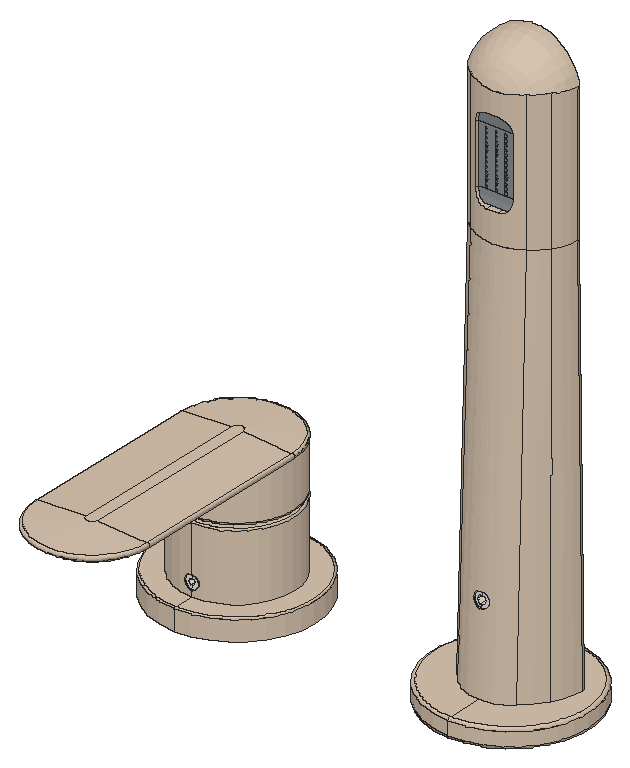
Revit family "Faucet-Wall_Mount-Lavatory-KALLISTA-002-P34124-1", category Plumbing Fixtures, host Face, Revit 2021
Family settings
  Host = Face
  Round Connector Dimension = Use Diameter
  Part Type = Normal
  OmniClass Number = 23.31.11.00
  OmniClass Title = Faucets
  Cut with Voids When Loaded = No
  Shared = No
  Room Calculation Point = No
Parameters (values of type "BAF-Brushed French Gold")
  Width [instance] = 4"
  WaterSense Certified = 1 = 0  # no
  Waste Water Outlet = "Waste Water Outlet"  # constant formula
  Waste Connection = 1 = 0  # no
  Vent Connection = 1 = 0  # no
  URL = "https://www.kallista.com/"
  Type = 1
  Spout Reach = 7.18504"  # constant formula
  Product Page URL = ""
  Product Name = "002"  # constant formula
  Product Documentation Link = ""
  Pressure = 0.00 psi
  Model = if(Type = 1, "P34124-00-BAF", if(Type = 2, "P34124-00-BL", if(Type = 3, "P34124-00-BN", if(Type = 4, "P34124-00-CP", if(Type = 5, "P34124-00-SN", "NA")))))  # "P34124-00-BAF"
  Material = "Premium Metal Construction\r\n"  # constant formula
  Master Format 2014 Name = "Residential Faucets, Supplies, and Trim"  # constant formula
  Master Format 2014 = "22 41 39"  # constant formula
  Manufacturer Address = "444 Highland Dr, Kohler, WI 53044"  # constant formula
  Manufacturer = "Kallista Co."  # constant formula
  Length = Spout Reach  # 7.18504"
  Hot Water Inlet = "Hot Water Inlet"  # constant formula
  Height = 2.28346"  # constant formula
  Handle Clearance = 3.47244"  # constant formula
  HW Connection = 1 = 1  # yes
  Flow Rate = 1.2 GPM  # constant formula
  Finish = Kallista-Metal-BAF-Brushed_French_Gold
  Environmental Product Declaration = ""
  Drain Included = 1 = 1  # yes
  Description = "Capsule Wall Mount Sink Faucet Single Control"  # constant formula
  Default Elevation = 36"
  Declare Label = ""
  Date Modified = "11/29/2023"  # constant formula
  Date Created = "11/29/2023"  # constant formula
  Copyright = "Copyright Kallista Co."  # constant formula
  Contact Us = "https://www.kallista.com/corporate/contact-us/"
  Cold Water Inlet = "Cold Water Inlet"  # constant formula
  CW Connection = 1 = 1  # yes
  Assembly Code = "D2010"
  ADA Compliant = 1 = 0  # no
Types (6): name | Type | Model | Finish
  (no name) | 1 | "P34124-00-BAF" | Kallista-Metal-BAF-Brushed_French_Gold
  BAF-Brushed French Gold | 1 | "P34124-00-BAF" | Kallista-Metal-BAF-Brushed_French_Gold
  BN-Brushed Nickel | 3 | "P34124-00-BN" | Kallista-Metal-BN-Brushed_Nickel
  BL-Matte Black | 2 | "P34124-00-BL" | Kalista-Metal-BL-Matte_Black
  SN-Polished Nickel | 5 | "P34124-00-SN" | Kallista-Metal-SN-Polished_Nickel
  CP-Chrome | 4 | "P34124-00-CP" | Kallista-Metal-CP-Chrome
Reference planes (in)
  plane 1 "Center (Front/Back)": y = 0
  plane 2: z = 0
  plane 3 "Center (Left/Right)": x = 0
  plane 4: x = -4
  plane 5: x = -5.14173
  plane 6: x = -2.85827
  plane 7: y = 1.14173
  plane 8: y = -1.14173
  plane 9: y = -3.47244
  plane 10: y = -0.29528
  plane 11: y = 0.82677
  plane 12: y = -0.82677
  plane 13: z = 2.14173
  plane 14: z = 1.75591
  plane 15: z = 0.31496
  plane 16: z = 8.67064
  plane 17: z = 7.18504
  plane 18: z = 0.27559
  plane 19: x = -3.17323
  plane 20: x = -4.82677
  plane 21: x = -1.14173
  plane 22: x = 1.14173
Dimensions and locks (in)
  "Handle Clearance": plane 1 "Center (Front/Back)" to plane 9
  "Length": plane 17 to level
  "Height": plane 7 to plane 8
  plane 2 to plane 16 = 8.67064"
  plane 2 to plane 13 = 2.14173"
  plane 2 to plane 18 = 0.27559"
  plane 2 to plane 15 = 0.31496"
  plane 20 to plane 19 = 1.65354"
  plane 5 to plane 6 = 2.28346"
  locked: plane 5 to plane 4 at 1.14173
  locked: plane 4 to plane 6 at 1.14173
  locked: plane 20 to plane 4 at 0.82677
  locked: plane 4 to plane 19 at 0.82677
  plane 9 to plane 7 = 4.61417"
  plane 1 "Center (Front/Back)" to plane 10 = 0.29528"
  plane 13 to level = 2.14173"
  plane 14 to level = 1.75591"
  "Width": plane 4 to plane 3 "Center (Left/Right)"
  plane 7 to plane 8 = 2.28346"
  plane 5 to plane 22 = 6.28346"
  locked: plane 21 to plane 22 at 2.28346
  locked: plane 21 to plane 3 "Center (Left/Right)" at 1.14173
  aligned and locked: plane 2 to host face
  aligned and locked: level to host face
  aligned and locked: plane 1 "Center (Front/Back)" to nested 1
  aligned and locked: nested 2 to plane 4
  aligned and locked: plane 1 "Center (Front/Back)" to nested 2
  aligned and locked: plane 6 to nested 2
  aligned and locked: plane 5 to nested 2
  aligned and locked: plane 12 to nested 2
  aligned and locked: plane 9 to nested 2
  aligned and locked: plane 7 to nested 1
  aligned and locked: plane 8 to nested 1
  aligned and locked: plane 10 to nested 1
  aligned and locked: plane 13 to nested 2
  aligned and locked: plane 14 to nested 2
  aligned and locked: plane 15 to nested 2
  aligned and locked: plane 11 to nested 2
  aligned and locked: plane 19 to nested 2
  aligned and locked: plane 20 to nested 2
  aligned and locked: plane 3 "Center (Left/Right)" to nested 1
Automatic sketch dimensions
  host sketch curve to host sketch curve = 96"  (x2)
Nested families (in)
  nested 1: "P34124_Spout" at (0, 0, 0), type "P34124_Spout"
  nested 2: "P34124_Handle" at (-4, 0, 0), type "P34124_Handle"
Connectors (in)
  piping at (-4.62003, 0, 0), diameter 0.5, driven by "Flow Rate", driven by "HW Connection", driven by "Hot Water Inlet"
    settings: on nested 2, index 1, connector inside diameter 24", connector length 0", flow factor 0, pipe flow 1.2 GPM, pressure drop 0.00 psi, fitting loss kfactor 0, connector angle 0.00°, fixture units 0, engagement length 0", angle of deflection 0.00°, flow configuration 1, flow direction 1, fitting loss method 0, system type 19, joint type 0, gender type 0, connector reference index -1, connector utility 1, adjustable connector no, is connector primary yes, connector description "Hot Water Inlet"
  piping at (-3.37997, 0, 0), diameter 0.5, driven by "Flow Rate", driven by "CW Connection", driven by "Cold Water Inlet"
    settings: on nested 2, index 2, connector inside diameter 24", connector length 0", flow factor 0, pipe flow 1.2 GPM, pressure drop 0.00 psi, fitting loss kfactor 0, connector angle 0.00°, fixture units 0, engagement length 0", angle of deflection 0.00°, flow configuration 1, flow direction 1, fitting loss method 0, system type 20, joint type 0, gender type 0, connector reference index -1, connector utility 1, adjustable connector no, is connector primary no, connector description "Cold Water Inlet"
Definition of nested family "P34124_Spout"
  Parameters
    Material = none
    Default Elevation = 0"
  Reference planes (in)
    plane 1 "Center (Front/Back)": y = 0
    plane 2: z = 0
    plane 3 "Center (Left/Right)": x = 0
    plane 4: x = -1.14173
    plane 5: x = 1.14173
    plane 6: y = 1.14173
    plane 7: y = -1.14173
    plane 8: z = 8.67064
    plane 9: z = 0.27559
    plane 10: z = 7.18504
    plane 11: y = -0.29528
  Forms (in)
    Blend 1, solid, material <- "Material", detail levels medium+fine
      base sketch origin (0, 0, 0) x (1, 0, 0) y (0, 1, 0)
        loop
          arc (-0.77791, 0.35377) -> (-0.79952, 0.33955) -> (-0.80746, 0.31492) r 0.03896
          arc (-0.80746, 0.31492) -> (-0.77246, 0.08464) -> (-0.68191, -0.12997) r 0.93998
          arc (-0.68191, -0.12997) -> (-0.57, -0.29195) -> (-0.43339, -0.43373) r 1.21506
          arc (-0.43339, -0.43373) -> (0, -0.59757) -> (0.43339, -0.43373) r 0.65512
          arc (0.43339, -0.43373) -> (0.57, -0.29195) -> (0.68191, -0.12997) r 1.21506
          arc (0.68191, -0.12997) -> (0.77235, 0.08423) -> (0.80744, 0.31407) r 0.93998
          arc (0.80744, 0.31407) -> (0.79952, 0.33871) -> (0.77792, 0.35295) r 0.03898
          arc (0.77792, 0.35295) -> (0.00005, 0.44878) -> (-0.77791, 0.35377) r 3.21885
      top sketch origin (0, 0, 0) x (1, 0, 0) y (0, 1, 0)
        loop
          arc (-0.61166, -0.01064) -> (-0.52145, -0.12588) -> (-0.40985, -0.22055) r 0.72211
          arc (-0.40985, -0.22055) -> (0, -0.3478) -> (0.40985, -0.22055) r 0.72369
          arc (0.40985, -0.22055) -> (0.52145, -0.12588) -> (0.61166, -0.01064) r 0.72211
          arc (0.61166, -0.01064) -> (0.68757, 0.15439) -> (0.71792, 0.3335) r 0.69203
          arc (0.71792, 0.3335) -> (0.7096, 0.359) -> (0.68677, 0.37309) r 0.03897
          arc (0.68677, 0.37309) -> (0, 0.44256) -> (-0.68677, 0.37309) r 3.43057
          arc (-0.68677, 0.37309) -> (-0.7096, 0.359) -> (-0.71792, 0.3335) r 0.03897
          arc (-0.71792, 0.3335) -> (-0.68757, 0.15439) -> (-0.61166, -0.01064) r 0.69203
      from 0 to 6.13419
    Sweep 2, solid, material <- "Material", detail levels medium+fine
      path origin (0, 0, 0) x (0, 1, 0) y (0, 0, 1)
        loop
          line (0.44256, 6.13419) -> (0.44256, 8.8901)
      profile origin (0, 0.44256, 7.51214) x (0, -1, 0) y (1, 0, 0)
        loop
          arc (0.45321, 0.61166) -> (0.28817, 0.68757) -> (0.10907, 0.71792) r 0.69203
          arc (0.10907, 0.71792) -> (0.08356, 0.7096) -> (0.06947, 0.68677) r 0.03897
          arc (0.06947, 0.68677) -> (0, 0) -> (0.06947, -0.68677) r 3.43057
          arc (0.06947, -0.68677) -> (0.08356, -0.7096) -> (0.10907, -0.71792) r 0.03897
          arc (0.10907, -0.71792) -> (0.28817, -0.68757) -> (0.45321, -0.61166) r 0.69203
          arc (0.45321, -0.61166) -> (0.56844, -0.52145) -> (0.66312, -0.40985) r 0.72211
          arc (0.66312, -0.40985) -> (0.79036, 0) -> (0.66312, 0.40985) r 0.72369
          arc (0.66312, 0.40985) -> (0.56844, 0.52145) -> (0.45321, 0.61166) r 0.72211
    Sweep 3, void
      path origin (0, 0, -0.02461) x (1, 0, 0) y (0, 0, 1)
        loop
          arc (0.7468, 7.95283) -> (-0.00124, 8.70086) -> (-0.74927, 7.95283) r 0.74803
      profile origin (-0.00124, 0, 8.67625) x (0, 0, -1) y (0, -1, 0)
        loop
          arc (0.01906, -0.49341) -> (0.14964, 0.09951) -> (0.69597, 0.36432) r 0.69597
          line (0.69597, 0.36432) -> (0.69597, 0.65945) -> (-0.56739, 0.65945) -> (-0.56739, -0.49341) -> (0.01906, -0.49341)
    Revolve 4, solid, material <- "Material", detail levels medium+fine
      sketch origin (0, 0, 0) x (0, 1, 0) y (0, 0, 1)
        loop
          line (0, 0) -> (1.10444, 0)
          arc (1.10444, 0) -> (1.13081, 0.01092) -> (1.14173, 0.03729) r 0.03729
          line (1.14173, 0.03729) -> (1.14173, 0.23463)
          arc (1.14173, 0.23463) -> (1.12974, 0.26359) -> (1.10077, 0.27559) r 0.04096
          line (1.10077, 0.27559) -> (0, 0.27559) -> (0, 0)
        axis (0, 0) -> (0, 0.27559)
      angle from 0 to 360
    Revolve 5, void
      sketch origin (0, 0, 0) x (0, 1, 0) y (0, 0, 1)
        loop
          line (-0.25396, 1.54626) -> (-0.25396, 1.66154) -> (-0.62222, 1.66154) -> (-0.62222, 1.54626) -> (-0.25396, 1.54626)
        axis (-0.25396, 1.54626) -> (-0.62222, 1.54626)
      angle from 0 to 360
    Revolve 6, solid, detail levels medium+fine
      sketch origin (0, 0, 0) x (0, 1, 0) y (0, 0, 1)
        loop
          line (-0.26709, 1.65545) -> (-0.52116, 1.65545) -> (-0.52116, 1.54849) -> (-0.26709, 1.54849) -> (-0.26709, 1.65545)
        axis (-0.26709, 1.54849) -> (-0.52116, 1.54849)
      angle from 0 to 360
    Extrusion 7, void
      sketch origin (0, -0.08176, -0.02695) x (1, 0, 0) y (0, 0.052336, 0.99863)
        loop
          line (-0.03439, 1.60625) -> (-0.06825, 1.5476) -> (-0.03439, 1.48896) -> (0.03332, 1.48896) -> (0.06718, 1.5476) -> (0.03332, 1.60625) -> (-0.03439, 1.60625)
      from 0.30046 to 0.6929
    Extrusion 8, void
      sketch origin (0, 0, 0) x (1, 0, 0) y (0, 0, 1)
        loop
          line (-0.28038, 7.6149) -> (-0.28038, 6.75476)
          arc (-0.28038, 6.75476) -> (-0.22281, 6.6158) -> (-0.08385, 6.55823) r 0.19653
          line (-0.08385, 6.55823) -> (0.08127, 6.55823)
          arc (0.08127, 6.55823) -> (0.21911, 6.61533) -> (0.27621, 6.75317) r 0.19494
          line (0.27621, 6.75317) -> (0.27621, 7.62026)
          arc (0.27621, 7.62026) -> (0.21957, 7.757) -> (0.08283, 7.81365) r 0.19338
          line (0.08283, 7.81365) -> (-0.08163, 7.81365)
          arc (-0.08163, 7.81365) -> (-0.22217, 7.75544) -> (-0.28038, 7.6149) r 0.19874
      from 0 to 0.70867
    Extrusion 9, solid, detail levels medium+fine
      sketch origin (0, 0, 0) x (1, 0, 0) y (0, 0, 1)
        loop
          arc (-0.11579, 7.78984) -> (-0.22335, 7.74528) -> (-0.2679, 7.63772) r 0.15211
          line (-0.2679, 7.63772) -> (-0.2679, 6.73599)
          arc (-0.2679, 6.73599) -> (-0.22295, 6.62746) -> (-0.11442, 6.5825) r 0.15348
          line (-0.11442, 6.5825) -> (0.11442, 6.5825)
          arc (0.11442, 6.5825) -> (0.22295, 6.62746) -> (0.2679, 6.73599) r 0.15348
          line (0.2679, 6.73599) -> (0.2679, 7.63772)
          arc (0.2679, 7.63772) -> (0.22335, 7.74528) -> (0.11579, 7.78984) r 0.15211
          line (0.11579, 7.78984) -> (-0.11579, 7.78984)
      from 0 to 0.52116
    Extrusion 10, void
      sketch origin (0, 0, 0) x (0, 1, 0) y (0, 0, 1)
        loop
          line (-0.25014, 6.75744) -> (-0.25014, 7.6149)
          arc (-0.25014, 7.6149) -> (-0.34945, 7.90421) -> (-0.60549, 8.07155) r 0.47109
          line (-0.60549, 8.07155) -> (-0.60549, 6.30079)
          arc (-0.60549, 6.30079) -> (-0.34945, 6.46813) -> (-0.25014, 6.75744) r 0.47109
      from -1.04991 to 1.33856
    Extrusion 11, void
      sketch origin (0.0123, 5.27483, 12.5197) x (1, 0, 0) y (0, 0, 1)
        loop
          line (-0.18118, -4.95414) -> (-0.18118, -5.00169) -> (-0.14232, -5.00169) -> (-0.14232, -4.95414) -> (-0.18118, -4.95414)
        loop
          line (-0.18118, -5.01713) -> (-0.18118, -5.06468) -> (-0.14232, -5.06468) -> (-0.14232, -5.01713) -> (-0.18118, -5.01713)
        loop
          line (-0.18118, -5.08051) -> (-0.18118, -5.12807) -> (-0.14232, -5.12807) -> (-0.14232, -5.08051) -> (-0.18118, -5.08051)
        loop
          line (-0.18118, -5.1439) -> (-0.18118, -5.19146) -> (-0.14232, -5.19146) -> (-0.14232, -5.1439) -> (-0.18118, -5.1439)
        loop
          line (-0.18118, -5.20729) -> (-0.18118, -5.25484) -> (-0.14232, -5.25484) -> (-0.14232, -5.20729) -> (-0.18118, -5.20729)
        loop
          line (-0.18118, -5.27067) -> (-0.18118, -5.31823) -> (-0.14232, -5.31823) -> (-0.14232, -5.27067) -> (-0.18118, -5.27067)
        loop
          line (-0.18118, -5.33406) -> (-0.18118, -5.38161) -> (-0.14232, -5.38161) -> (-0.14232, -5.33406) -> (-0.18118, -5.33406)
        loop
          line (-0.18118, -5.39744) -> (-0.18118, -5.445) -> (-0.14232, -5.445) -> (-0.14232, -5.39744) -> (-0.18118, -5.39744)
        loop
          line (-0.18118, -5.46083) -> (-0.18118, -5.50839) -> (-0.14232, -5.50839) -> (-0.14232, -5.46083) -> (-0.18118, -5.46083)
        loop
          line (-0.18118, -5.52421) -> (-0.18118, -5.57177) -> (-0.14232, -5.57177) -> (-0.14232, -5.52421) -> (-0.18118, -5.52421)
        loop
          line (-0.18118, -5.5876) -> (-0.18118, -5.63516) -> (-0.14232, -5.63516) -> (-0.14232, -5.5876) -> (-0.18118, -5.5876)
        loop
          line (-0.18118, -5.65099) -> (-0.18118, -5.69854) -> (-0.14232, -5.69854) -> (-0.14232, -5.65099) -> (-0.18118, -5.65099)
        loop
          line (-0.18118, -5.71437) -> (-0.18118, -5.76193) -> (-0.14232, -5.76193) -> (-0.14232, -5.71437) -> (-0.18118, -5.71437)
        loop
          line (0.00443, -4.95414) -> (-0.03443, -4.95414) -> (-0.03443, -5.00169) -> (0.00443, -5.00169) -> (0.00443, -4.95414)
        loop
          line (0.00443, -5.01713) -> (-0.03443, -5.01713) -> (-0.03443, -5.06468) -> (0.00443, -5.06468) -> (0.00443, -5.01713)
        loop
          line (0.00443, -5.08051) -> (-0.03443, -5.08051) -> (-0.03443, -5.12807) -> (0.00443, -5.12807) -> (0.00443, -5.08051)
        loop
          line (0.00443, -5.1439) -> (-0.03443, -5.1439) -> (-0.03443, -5.19146) -> (0.00443, -5.19146) -> (0.00443, -5.1439)
        loop
          line (0.00443, -5.20729) -> (-0.03443, -5.20729) -> (-0.03443, -5.25484) -> (0.00443, -5.25484) -> (0.00443, -5.20729)
        loop
          line (0.00443, -5.27067) -> (-0.03443, -5.27067) -> (-0.03443, -5.31823) -> (0.00443, -5.31823) -> (0.00443, -5.27067)
        loop
          line (0.00443, -5.33406) -> (-0.03443, -5.33406) -> (-0.03443, -5.38161) -> (0.00443, -5.38161) -> (0.00443, -5.33406)
        loop
          line (0.00443, -5.39744) -> (-0.03443, -5.39744) -> (-0.03443, -5.445) -> (0.00443, -5.445) -> (0.00443, -5.39744)
        loop
          line (0.00443, -5.46083) -> (-0.03443, -5.46083) -> (-0.03443, -5.50839) -> (0.00443, -5.50839) -> (0.00443, -5.46083)
        loop
          line (0.00443, -5.52421) -> (-0.03443, -5.52421) -> (-0.03443, -5.57177) -> (0.00443, -5.57177) -> (0.00443, -5.52421)
        loop
          line (0.00443, -5.5876) -> (-0.03443, -5.5876) -> (-0.03443, -5.63516) -> (0.00443, -5.63516) -> (0.00443, -5.5876)
        loop
          line (0.00443, -5.65099) -> (-0.03443, -5.65099) -> (-0.03443, -5.69854) -> (0.00443, -5.69854) -> (0.00443, -5.65099)
        loop
          line (0.00443, -5.71437) -> (-0.03443, -5.71437) -> (-0.03443, -5.76193) -> (0.00443, -5.76193) -> (0.00443, -5.71437)
        loop
          line (0.10062, -4.95414) -> (0.10062, -5.00169) -> (0.13947, -5.00169) -> (0.13947, -4.95414) -> (0.10062, -4.95414)
        loop
          line (0.10062, -5.01713) -> (0.10062, -5.06468) -> (0.13947, -5.06468) -> (0.13947, -5.01713) -> (0.10062, -5.01713)
        loop
          line (0.10062, -5.08051) -> (0.10062, -5.12807) -> (0.13947, -5.12807) -> (0.13947, -5.08051) -> (0.10062, -5.08051)
        loop
          line (0.10062, -5.1439) -> (0.10062, -5.19146) -> (0.13947, -5.19146) -> (0.13947, -5.1439) -> (0.10062, -5.1439)
        loop
          line (0.10062, -5.20729) -> (0.10062, -5.25484) -> (0.13947, -5.25484) -> (0.13947, -5.20729) -> (0.10062, -5.20729)
        loop
          line (0.10062, -5.27067) -> (0.10062, -5.31823) -> (0.13947, -5.31823) -> (0.13947, -5.27067) -> (0.10062, -5.27067)
        loop
          line (0.10062, -5.33406) -> (0.10062, -5.38161) -> (0.13947, -5.38161) -> (0.13947, -5.33406) -> (0.10062, -5.33406)
        loop
          line (0.10062, -5.39744) -> (0.10062, -5.445) -> (0.13947, -5.445) -> (0.13947, -5.39744) -> (0.10062, -5.39744)
        loop
          line (0.10062, -5.46083) -> (0.10062, -5.50839) -> (0.13947, -5.50839) -> (0.13947, -5.46083) -> (0.10062, -5.46083)
        loop
          line (0.10062, -5.52421) -> (0.10062, -5.57177) -> (0.13947, -5.57177) -> (0.13947, -5.52421) -> (0.10062, -5.52421)
        loop
          line (0.10062, -5.5876) -> (0.10062, -5.63516) -> (0.13947, -5.63516) -> (0.13947, -5.5876) -> (0.10062, -5.5876)
        loop
          line (0.10062, -5.65099) -> (0.10062, -5.69854) -> (0.13947, -5.69854) -> (0.13947, -5.65099) -> (0.10062, -5.65099)
        loop
          line (0.10062, -5.71437) -> (0.10062, -5.76193) -> (0.13947, -5.76193) -> (0.13947, -5.71437) -> (0.10062, -5.71437)
      from 5.16363 to 7.18576
    Extrusion 12, solid, material <- "Material", detail levels coarse
      sketch origin (0, 0.04968, 0) x (1, 0, 0) y (0, 0, 1)
        loop
          line (0.80342, 0.27559) -> (0.72035, 7.97029)
          arc (0.72035, 7.97029) -> (0.00001, 8.68289) -> (-0.72032, 7.97029) r 0.72038
          line (-0.72032, 7.97029) -> (-0.80344, 0.27559) -> (0.80342, 0.27559)
      from -0.39459 to 0.63603
    Revolve 13, solid, material <- "Material", detail levels coarse
      sketch origin (0, 0, 0) x (0, 1, 0) y (0, 0, 1)
        loop
          line (0, 0) -> (1.14173, 0) -> (1.14173, 0.27559) -> (0, 0.27559) -> (0, 0)
        axis (0, 0) -> (0, 0.27559)
      angle from 0 to 360
  Cuts and joins
    Sweep 3, Extrusion 8 cuts Sweep 2
    Revolve 5, Extrusion 7 cuts Blend 1
    joined: Blend 1, Revolve 4
    Extrusion 7 cuts Revolve 6
    Extrusion 10, Extrusion 11 cuts Extrusion 9
    joined: Extrusion 12, Revolve 13
  Lines and regions (in)
    Masking region 1
      outline origin (0, 0, 0) x (1, 0, 0) y (0, 1, 0)
        loop
          arc (-0.43305, 1.05642) -> (-0.82584, 0.78838) -> (-1.07537, 0.38357) r 1.14173
          arc (-1.07537, 0.38357) -> (-1.12497, 0.22497) -> (-1.14173, 0.05965) r 0.82377
          line (-1.14173, 0.05965) -> (-1.14173, 0.02815)
          arc (-1.14173, 0.02815) -> (-1.11088, -0.24936) -> (-1.01983, -0.51331) r 1.26353
          arc (-1.01983, -0.51331) -> (0.14254, -1.1328) -> (1.11521, -0.24467) r 1.14173
          arc (1.11521, -0.24467) -> (1.13705, -0.10494) -> (1.14173, 0.0364) r 1.16104
          line (1.14173, 0.0364) -> (1.14173, 0.0679)
          arc (1.14173, 0.0679) -> (1.13614, 0.14688) -> (1.11948, 0.22429) r 0.5608
          arc (1.11948, 0.22429) -> (0.88747, 0.71829) -> (0.45266, 1.04816) r 1.14173
          arc (0.45266, 1.04816) -> (0.24156, 1.11807) -> (0.02044, 1.14173) r 1.04509
          line (0.02044, 1.14173) -> (-0.01106, 1.14173)
          arc (-0.01106, 1.14173) -> (-0.22632, 1.12019) -> (-0.43305, 1.05642) r 1.08631
    Masking region 2
      outline origin (0, 0, 0) x (1, 0, 0) y (0, 0, 1)
        loop
          arc (1.10874, 0) -> (1.13207, 0.00966) -> (1.14173, 0.03299) r 0.03299
          line (1.14173, 0.03299) -> (1.14173, 0.2326)
          arc (1.14173, 0.2326) -> (1.12914, 0.263) -> (1.09874, 0.27559) r 0.04299
          line (1.09874, 0.27559) -> (0.77187, 0.27559)
          arc (0.77187, 0.27559) -> (0.7965, 0.28573) -> (0.80683, 0.31) r 0.03497
          arc (0.80683, 0.31) -> (0.80595, 0.49685) -> (0.80027, 0.68362) r 7.28056
          arc (0.80027, 0.68362) -> (0.74708, 2.34522) -> (0.73122, 4.0076) r 74.01378
          arc (0.73122, 4.0076) -> (0.72921, 5.98419) -> (0.71649, 7.96074) r 364.85863
          arc (0.71649, 7.96074) -> (0.57699, 8.37902) -> (0.21899, 8.63642) r 0.71652
          arc (0.21899, 8.63642) -> (0.12087, 8.66202) -> (0.01983, 8.67064) r 0.59681
          line (0.01983, 8.67064) -> (-0.01167, 8.67064)
          arc (-0.01167, 8.67064) -> (-0.09662, 8.66488) -> (-0.18002, 8.64773) r 0.63005
          arc (-0.18002, 8.64773) -> (-0.56473, 8.39519) -> (-0.71649, 7.96074) r 0.71652
          arc (-0.71649, 7.96074) -> (-0.72921, 5.98419) -> (-0.73122, 4.0076) r 364.85863
          arc (-0.73122, 4.0076) -> (-0.74708, 2.34522) -> (-0.80027, 0.68362) r 74.01378
          arc (-0.80027, 0.68362) -> (-0.80595, 0.49685) -> (-0.80684, 0.31028) r 7.28056
          arc (-0.80684, 0.31028) -> (-0.7965, 0.28573) -> (-0.77187, 0.27559) r 0.03497
          line (-0.77187, 0.27559) -> (-1.09874, 0.27559)
          arc (-1.09874, 0.27559) -> (-1.12914, 0.263) -> (-1.14173, 0.2326) r 0.04299
          line (-1.14173, 0.2326) -> (-1.14173, 0.03299)
          arc (-1.14173, 0.03299) -> (-1.13207, 0.00966) -> (-1.10874, 0) r 0.03299
          line (-1.10874, 0) -> (1.10874, 0)
    Masking region 3
      outline origin (0, 0, 0) x (0, 1, 0) y (0, 0, 1)
        loop
          line (-0.35072, 7.96344) -> (-0.35072, 7.85733)
          arc (-0.35072, 7.85733) -> (-0.33657, 7.82002) -> (-0.31831, 7.78454) r 0.35462
          line (-0.31831, 7.78454) -> (-0.31831, 7.70311)
          arc (-0.31831, 7.70311) -> (-0.30107, 7.63343) -> (-0.29528, 7.56189) r 0.44433
          line (-0.29528, 7.56189) -> (-0.29528, 6.80328)
          arc (-0.29528, 6.80328) -> (-0.30107, 6.73174) -> (-0.31831, 6.66206) r 0.44433
          line (-0.31831, 6.66206) -> (-0.31831, 6.58063)
          arc (-0.31831, 6.58063) -> (-0.33657, 6.54515) -> (-0.35072, 6.50784) r 0.35462
          line (-0.35072, 6.50784) -> (-0.35072, 6.40173)
          arc (-0.35072, 6.40173) -> (-0.35204, 5.98956) -> (-0.35598, 5.57742) r 64.63598
          arc (-0.35598, 5.57742) -> (-0.35932, 5.34193) -> (-0.36334, 5.10646) r 82.20036
          arc (-0.36334, 5.10646) -> (-0.36753, 4.94167) -> (-0.374, 4.77696) r 11.87676
          arc (-0.374, 4.77696) -> (-0.38941, 4.42335) -> (-0.4029, 4.06965) r 65.43397
          arc (-0.4029, 4.06965) -> (-0.42004, 3.67424) -> (-0.44342, 3.27915) r 25.0582
          arc (-0.44342, 3.27915) -> (-0.45424, 3.09479) -> (-0.46194, 2.91027) r 10.95361
          arc (-0.46194, 2.91027) -> (-0.4676, 2.77571) -> (-0.47563, 2.64128) r 7.66624
          arc (-0.47563, 2.64128) -> (-0.49076, 2.39933) -> (-0.50301, 2.15722) r 20.31281
          arc (-0.50301, 2.15722) -> (-0.51546, 1.91687) -> (-0.53138, 1.67672) r 16.67974
          arc (-0.53138, 1.67672) -> (-0.52267, 1.54568) -> (-0.5462, 1.41647) r 0.53419
          line (-0.5462, 1.41647) -> (-0.60123, 0.31496)
          arc (-0.60123, 0.31496) -> (-0.59784, 0.29368) -> (-0.58614, 0.27559) r 0.05216
          line (-0.58614, 0.27559) -> (-1.103, 0.27559)
          arc (-1.103, 0.27559) -> (-1.13039, 0.26425) -> (-1.14173, 0.23686) r 0.03873
          line (-1.14173, 0.23686) -> (-1.14173, 0.03913)
          arc (-1.14173, 0.03913) -> (-1.13027, 0.01146) -> (-1.10261, 0) r 0.03913
          line (-1.10261, 0) -> (1.10261, 0)
          arc (1.10261, 0) -> (1.13027, 0.01146) -> (1.14173, 0.03913) r 0.03913
          line (1.14173, 0.03913) -> (1.14173, 0.23686)
          arc (1.14173, 0.23686) -> (1.13039, 0.26425) -> (1.103, 0.27559) r 0.03873
          line (1.103, 0.27559) -> (0.42454, 0.27559)
          arc (0.42454, 0.27559) -> (0.43771, 0.28924) -> (0.44251, 0.30759) r 0.03748
          line (0.44251, 0.30759) -> (0.44251, 7.95057)
          arc (0.44251, 7.95057) -> (0.42554, 8.29524) -> (0.37479, 8.63659) r 3.50904
          arc (0.37479, 8.63659) -> (0.36013, 8.66104) -> (0.33329, 8.67064) r 0.04232
          line (0.33329, 8.67064) -> (0.29786, 8.67064)
          arc (0.29786, 8.67064) -> (0.22541, 8.65862) -> (0.15429, 8.64026) r 0.83278
          arc (0.15429, 8.64026) -> (-0.20771, 8.38443) -> (-0.34653, 7.96344) r 0.70774
    symbolic lines, detail levels medium+fine
      curve 1: line (-0.77143, 0, 0.27559) -> (0.77143, 0, 0.27559)
      curve 2: arc (0.77143, 0, 0.27559) -> (0.77119, 0, 0.47968) -> (0.76523, 0, 0.68368) r 7.28056
      curve 3: arc (0.76523, 0, 0.68368) -> (0.71204, 0, 2.34528) -> (0.69618, 0, 4.00766) r 74.01378
      curve 4: arc (0.69618, 0, 4.00766) -> (0.69416, 0, 5.98582) -> (0.68142, 0, 7.96394) r 364.82359
      curve 5: line (0.80684, 0, 0.31028) -> (-0.80684, 0, 0.31028)
      curve 6: arc (-0.77143, 0, 0.27559) -> (-0.77119, 0, 0.47968) -> (-0.76523, 0, 0.68368) r 7.28056
      curve 7: arc (-0.76523, 0, 0.68368) -> (-0.71204, 0, 2.34528) -> (-0.69618, 0, 4.00766) r 74.01378
      curve 8: arc (-0.69618, 0, 4.00766) -> (-0.69416, 0, 5.98582) -> (-0.68142, 0, 7.96394) r 364.82359
      curve 9: line (1.14173, 0, 0.2326) -> (-1.14173, 0, 0.2326)
      curve 10: line (-1.14173, 0, 0.03299) -> (1.14173, 0, 0.03299)
      curve 11: arc (0.68142, 0, 7.96394) -> (0, 0, 8.63915) -> (-0.68142, 0, 7.96394) r 0.68145
      curve 12: line (0.71649, 0, 7.96074) -> (-0.71649, 0, 7.96074)
      curve 13: line (0, 0.29786, 8.67064) -> (0, 0.29786, 0.27559)
      curve 14: line (0, 0.42454, 0.27559) -> (0, -0.58614, 0.27559)
      curve 15: line (0, 0.44251, 0.30759) -> (0, -0.6016, 0.30759)
      curve 16: line (0, 1.14173, 0.23686) -> (0, -1.14173, 0.23686)
      curve 17: line (0, -1.14173, 0.03913) -> (0, 1.14173, 0.03913)
      curve 18: line (0, 0.37479, 8.63659) -> (0, 0.37479, 0.27559)
      curve 19: line (0, -0.35072, 7.85733) -> (0, 0.44251, 7.85733)
      curve 20: line (0, -0.2842, 7.62267) -> (0, -0.2842, 6.74269)
      curve 21: arc (0, -0.31831, 7.78454) -> (0, -0.29282, 7.70538) -> (0, -0.2842, 7.62267) r 0.40108
      curve 22: arc (0, -0.2842, 6.74269) -> (0, -0.29282, 6.65988) -> (0, -0.31831, 6.58063) r 0.40195
      curve 23: circle (0, 0, 0) r 1.10127 normal (0, 0, 1)
      curve 24: arc (-0.77791, 0.35377, 0) -> (-0.74382, 0.36204, 0) -> (-0.70964, 0.36995, 0) r 3.21885
      curve 25: arc (-0.68191, -0.12997, 0) -> (-0.57, -0.29195, 0) -> (-0.43339, -0.43373, 0) r 1.21506
      curve 26: arc (-0.68191, -0.12997, 0) -> (-0.77246, 0.08464, 0) -> (-0.80746, 0.31492, 0) r 0.93998
      curve 27: arc (-0.80746, 0.31492, 0) -> (-0.79952, 0.33955, 0) -> (-0.77791, 0.35377, 0) r 0.03896
      curve 28: arc (0.68191, -0.12997, 0) -> (0.57, -0.29195, 0) -> (0.43339, -0.43373, 0) r 1.21506
      curve 29: arc (-0.43339, -0.43373, 0) -> (0, -0.59757, 0) -> (0.43339, -0.43373, 0) r 0.65512
      curve 30: arc (0.68191, -0.12997, 0) -> (0.77235, 0.08423, 0) -> (0.80744, 0.31407, 0) r 0.93998
      curve 31: arc (0.80744, 0.31407, 0) -> (0.79952, 0.33871, 0) -> (0.77792, 0.35295, 0) r 0.03898
      curve 32: line (0.68742, 0.37389, 0) -> (-0.69189, 0.37389, 0)
      curve 33: arc (-0.61141, -0.01092, 0) -> (-0.13207, -0.33789, 0) -> (0.43252, -0.20405, 0) r 0.71844
      curve 34: arc (-0.71618, 0.34937, 0) -> (-0.68859, 0.16202, 0) -> (-0.61141, -0.01092, 0) r 0.69459
      curve 35: arc (-0.69189, 0.37389, 0) -> (-0.70915, 0.36669, 0) -> (-0.71618, 0.34937, 0) r 0.02429
      curve 36: arc (-0.70964, 0.36995, 0) -> (-0.69562, 0.37307, 0) -> (-0.6816, 0.37614, 0) r 3.21885
      curve 37: arc (-0.6816, 0.37614, 0) -> (-0.01466, 0.44875, 0) -> (0.65284, 0.38154, 0) r 3.21885
      curve 38: arc (0.71612, 0.34472, 0) -> (0.63868, 0.03707, 0) -> (0.43252, -0.20405, 0) r 0.69459
      curve 39: arc (0.65284, 0.38154, 0) -> (0.68737, 0.37417, 0) -> (0.72182, 0.36642, 0) r 3.21885
      curve 40: arc (0.72182, 0.36642, 0) -> (0.7499, 0.35982, 0) -> (0.77792, 0.35295, 0) r 3.21885
      curve 41: line (-0.71618, 0.34937, 0) -> (0.71612, 0.3446, 0)
      curve 42: line (-0.71618, 0.34937, 0) -> (-0.80746, 0.31492, 0)
      curve 43: line (0.71612, 0.3446, 0) -> (0.80744, 0.31407, 0)
      curve 44: spline (0.13441, -0.5377, 0) -> (0.12983, -0.53502, 0) -> (0.11641, -0.53254, 0) -> (0.09504, -0.5304, 0) -> (0.06721, -0.52876, 0) -> (0.03479, -0.52773, 0) -> (0, -0.52738, 0) -> (-0.03479, -0.52773, 0) -> (-0.06721, -0.52876, 0) -> (-0.09504, -0.5304, 0) -> (-0.11641, -0.53254, 0) -> (-0.12983, -0.53502, 0) -> (-0.13441, -0.5377, 0) -> (-0.12983, -0.54037, 0) -> (-0.11641, -0.54285, 0) -> (-0.09504, -0.54499, 0) -> (-0.06721, -0.54663, 0) -> (-0.03479, -0.54766, 0) -> (0, -0.54801, 0) -> (0.03479, -0.54766, 0) -> (0.06721, -0.54663, 0) -> (0.09504, -0.54499, 0) -> (0.11641, -0.54285, 0) -> (0.12983, -0.54037, 0) -> (0.13441, -0.5377, 0)
      curve 45: arc (0.71612, 0.34472, 0) -> (0.70788, 0.36532, 0) -> (0.68742, 0.37389, 0) r 0.02871
  Dimensions and locks (in)
    plane 7 to plane 6 = 2.28346"
    plane 4 to plane 5 = 2.28346"
    plane 8 to level = 8.67064"
    plane 9 to level = 0.27559"
    aligned and locked: plane 2 to level
    aligned and locked: Masking region 2 sketch curve to plane 8
    aligned and locked: plane 5 to Masking region 2 sketch curve
    aligned and locked: Masking region 3 sketch curve to plane 8
    aligned and locked: plane 11 to Masking region 3 sketch curve
    aligned and locked: plane 4 to Masking region 1 sketch curve
    aligned and locked: plane 5 to Masking region 1 sketch curve
Definition of nested family "P34124_Handle"
  Parameters
    Material = none
    Default Elevation = 0"
  Reference planes (in)
    plane 1 "Center (Front/Back)": y = 0
    plane 2: z = 0
    plane 3 "Center (Left/Right)": x = 0
    plane 4: x = -1.14173
    plane 5: x = 1.14173
    plane 6: y = 1.14173
    plane 7: y = -1.14173
    plane 8: z = 0.31496
    plane 9: z = 2.14173
    plane 10: x = 0.82677
    plane 11: x = -0.82677
    plane 12: z = 1.75591
    plane 13: y = -3.47244
    plane 14: y = 0.82677
    plane 15: y = -0.82677
    plane 16: x = -0.62003
    plane 17: x = 0.62003
  Forms (in)
    Revolve 1, solid, material <- "Material", detail levels medium+fine
      sketch origin (0, 0, 0) x (0, 1, 0) y (0, 0, 1)
        loop
          line (1.14173, 0) -> (1.14173, 0.2934)
          arc (1.14173, 0.2934) -> (1.13542, 0.30865) -> (1.12017, 0.31496) r 0.02156
          line (1.12017, 0.31496) -> (0.82682, 0.31496) -> (0.82682, 1.27924)
          arc (0.82682, 1.27924) -> (0.82097, 1.29336) -> (0.80685, 1.29921) r 0.01997
          line (0.80685, 1.29921) -> (0, 1.29921) -> (0, 0) -> (1.14173, 0)
        loop
          line (0.82682, 1.37712) -> (0.82682, 2.07811) -> (0, 2.07811) -> (0, 1.35707) -> (0.80677, 1.35707)
          arc (0.80677, 1.35707) -> (0.82095, 1.36295) -> (0.82682, 1.37712) r 0.02005
        axis (0, 0) -> (0, 2.07811)
      angle from 0 to 360
    Revolve 2, solid, material <- "Material", detail levels medium+fine
      sketch origin (0, 0, 0) x (0, 1, 0) y (0, 0, 1)
        loop
          line (0, 1.3968) -> (0, 1.26288) -> (0.70679, 1.26288)
          arc (0.70679, 1.26288) -> (0.69704, 1.32981) -> (0.68772, 1.3968) r 10.51633
          line (0.68772, 1.3968) -> (0, 1.3968)
        axis (0, 1.26288) -> (0, 1.3968)
      angle from 0 to 360
    Sweep 3, solid, material <- "Material", detail levels medium+fine
      path origin (0, 0, 0) x (1, 0, 0) y (0, 1, 0)
        loop
          arc (0.82677, 0.00964) -> (0, 0.83641) -> (-0.82677, 0.00964) r 0.82677
          line (-0.82677, 0.00964) -> (-0.82677, -2.64424)
          arc (-0.82677, -2.64424) -> (0, -3.47101) -> (0.82677, -2.64424) r 0.82677
          line (0.82677, -2.64424) -> (0.82677, 0.00964)
      profile origin (0, -3.47101, 0) x (0, -1, 0) y (0, 0, 1)
        loop
          arc (-0.35258, 1.84615) -> (-0.17511, 1.93261) -> (-0.01106, 2.04241) r 1.44752
          arc (-0.01106, 2.04241) -> (0.00081, 2.0785) -> (-0.02828, 2.10293) r 0.03389
          arc (-0.02828, 2.10293) -> (-0.38443, 2.13065) -> (-0.74176, 2.1399) r 6.90319
          line (-0.74176, 2.1399) -> (-0.77725, 2.1399) -> (-0.77725, 1.77031) -> (-0.7416, 1.77031)
          arc (-0.7416, 1.77031) -> (-0.54343, 1.78945) -> (-0.35258, 1.84615) r 1.0356
    Extrusion 4, solid, material <- "Material", detail levels medium+fine
      sketch origin (0, 0, 0) x (1, 0, 0) y (0, 1, 0)
        loop
          arc (-0.04952, -2.64424) -> (0, -2.69376) -> (0.04952, -2.64424) r 0.04952
          line (0.04952, -2.64424) -> (0.04952, 0.00964)
          arc (0.04952, 0.00964) -> (0, 0.05916) -> (-0.04952, 0.00964) r 0.04952
          line (-0.04952, 0.00964) -> (-0.04952, -2.64424)
      from 1.77031 to 2.1399
    Revolve 5, void
      sketch origin (0, 0, 0) x (0, 1, 0) y (0, 0, 1)
        loop
          line (-0.94351, 0.50725) -> (-0.63041, 0.50725) -> (-0.63041, 0.61102) -> (-0.94351, 0.61102) -> (-0.94351, 0.50725)
        axis (-0.63041, 0.50725) -> (-0.94351, 0.50725)
      angle from 0 to 360
    Revolve 6, solid, detail levels medium+fine
      sketch origin (0, 0, 0) x (0, 1, 0) y (0, 0, 1)
        loop
          line (-0.63041, 0.50725) -> (-0.63041, 0.60461) -> (-0.81739, 0.60461) -> (-0.81739, 0.50725) -> (-0.63041, 0.50725)
        axis (-0.63041, 0.50725) -> (-0.81739, 0.50725)
      angle from 0 to 360
    Extrusion 7, void
      sketch origin (0, 0, 0) x (1, 0, 0) y (0, 0, 1)
        loop
          line (-0.02544, 0.55131) -> (-0.05038, 0.50812) -> (-0.02544, 0.46493) -> (0.02444, 0.46493) -> (0.04937, 0.50812) -> (0.02444, 0.55131) -> (-0.02544, 0.55131)
      from 0.32323 to 0.85171
    Extrusion 8, solid, material <- "Material"
      sketch origin (0, 0, 0) x (1, 0, 0) y (0, 1, 0)
        loop
          circle (-0.62003, 0) r 0.07874
        loop
          circle (0.62003, 0) r 0.07874
      from 0 to 0.0416
    Revolve 9, solid, material <- "Material", detail levels coarse
      sketch origin (0, 0, 0) x (0, 1, 0) y (0, 0, 1)
        loop
          line (1.14173, 0) -> (1.14173, 0.31496) -> (0.82682, 0.31496) -> (0.82682, 1.29921) -> (0.70191, 1.29921)
          arc (0.70191, 1.29921) -> (0.69699, 1.32809) -> (0.69274, 1.35707) r 1.26036
          line (0.69274, 1.35707) -> (0.83556, 1.35707) -> (0.83556, 1.77275) -> (0, 1.77275) -> (0, 1.32626) -> (0, 0) -> (1.14173, 0)
        axis (0, 0) -> (0, 1.77275)
      angle from 0 to 360
    Extrusion 10, solid, material <- "Material", detail levels coarse
      sketch origin (0, 0, 0) x (1, 0, 0) y (0, 1, 0)
        loop
          arc (0.83622, -0.00066) -> (0, 0.83556) -> (-0.83622, -0.00066) r 0.83622
          line (-0.83622, -0.00066) -> (-0.83622, -2.64424)
          arc (-0.83622, -2.64424) -> (0, -3.48046) -> (0.83622, -2.64424) r 0.83622
          line (0.83622, -2.64424) -> (0.83622, -0.00066)
      from 1.77275 to 2.13877
  Cuts and joins
    Revolve 5 cuts Revolve 1
    joined: Revolve 1, Revolve 2
    joined: Sweep 3, Extrusion 4
    Extrusion 7 cuts Revolve 6
  Lines and regions (in)
    Masking region 1
      outline origin (0, 0, 0) x (1, 0, 0) y (0, 1, 0)
        loop
          arc (-0.82677, -2.64339) -> (-0.71439, -3.05957) -> (-0.40778, -3.36261) r 0.82677
          arc (-0.40778, -3.36261) -> (-0.21846, -3.44142) -> (-0.01575, -3.47244) r 0.84729
          line (-0.01575, -3.47244) -> (0.01575, -3.47244)
          arc (0.01575, -3.47244) -> (0.27319, -3.4283) -> (0.50122, -3.30091) r 0.77277
          arc (0.50122, -3.30091) -> (0.74093, -3.01024) -> (0.82677, -2.64339) r 0.82677
          line (0.82677, -2.64339) -> (0.82677, -0.7874)
          arc (0.82677, -0.7874) -> (0.97685, -0.59103) -> (1.08115, -0.36697) r 1.14173
          arc (1.08115, -0.36697) -> (1.12686, -0.18372) -> (1.14173, 0.00456) r 1.1419
          line (1.14173, 0.00456) -> (1.14173, 0.03605)
          arc (1.14173, 0.03605) -> (1.12606, 0.18941) -> (1.09015, 0.33931) r 1.15764
          arc (1.09015, 0.33931) -> (0.86306, 0.74745) -> (0.49154, 1.03051) r 1.14173
          arc (0.49154, 1.03051) -> (0.25907, 1.11356) -> (0.01383, 1.14173) r 1.08146
          line (0.01383, 1.14173) -> (-0.01766, 1.14173)
          arc (-0.01766, 1.14173) -> (-0.26457, 1.11275) -> (-0.49806, 1.02737) r 1.06617
          arc (-0.49806, 1.02737) -> (-0.83734, 0.77615) -> (-1.06214, 0.41881) r 1.14173
          arc (-1.06214, 0.41881) -> (-1.12164, 0.22288) -> (-1.14173, 0.01911) r 1.04346
          line (-1.14173, 0.01911) -> (-1.14173, -0.01238)
          arc (-1.14173, -0.01238) -> (-1.12099, -0.21671) -> (-1.06402, -0.41402) r 1.14278
          arc (-1.06402, -0.41402) -> (-0.96365, -0.61231) -> (-0.82677, -0.7874) r 1.14173
          line (-0.82677, -0.7874) -> (-0.82677, -2.64339)
    Masking region 2
      outline origin (0, 0, 0) x (1, 0, 0) y (0, 0, 1)
        loop
          line (1.14173, 0) -> (1.14173, 0.29528)
          arc (1.14173, 0.29528) -> (1.13597, 0.3092) -> (1.12205, 0.31496) r 0.01969
          line (1.12205, 0.31496) -> (0.82677, 0.31496) -> (0.82677, 1.28018)
          arc (0.82677, 1.28018) -> (0.82084, 1.2945) -> (0.80653, 1.30043) r 0.02024
          line (0.80653, 1.30043) -> (0.5866, 1.30043)
          arc (0.5866, 1.30043) -> (0.58398, 1.32871) -> (0.58066, 1.35692) r 1.13316
          line (0.58066, 1.35692) -> (0.80691, 1.35692)
          arc (0.80691, 1.35692) -> (0.82089, 1.36275) -> (0.8266, 1.37678) r 0.01969
          line (0.8266, 1.37678) -> (0.82042, 2.07714)
          arc (0.82042, 2.07714) -> (0.81268, 2.09672) -> (0.79379, 2.10605) r 0.02928
          arc (0.79379, 2.10605) -> (0.45481, 2.13026) -> (0.11514, 2.14121) r 8.69055
          arc (0.11514, 2.14121) -> (0.06278, 2.14167) -> (0.01043, 2.14173) r 6.81622
          line (0.01043, 2.14173) -> (-0.02369, 2.14173)
          arc (-0.02369, 2.14173) -> (-0.06754, 2.14157) -> (-0.1114, 2.14113) r 6.74818
          arc (-0.1114, 2.14113) -> (-0.45659, 2.12963) -> (-0.80105, 2.10444) r 8.69055
          arc (-0.80105, 2.10444) -> (-0.81502, 2.09383) -> (-0.82042, 2.07714) r 0.02928
          line (-0.82042, 2.07714) -> (-0.8266, 1.37678)
          arc (-0.8266, 1.37678) -> (-0.82089, 1.36275) -> (-0.80691, 1.35692) r 0.01969
          line (-0.80691, 1.35692) -> (-0.58066, 1.35692)
          arc (-0.58066, 1.35692) -> (-0.58398, 1.32871) -> (-0.5866, 1.30043) r 1.13316
          line (-0.5866, 1.30043) -> (-0.80653, 1.30043)
          arc (-0.80653, 1.30043) -> (-0.82084, 1.2945) -> (-0.82677, 1.28018) r 0.02024
          line (-0.82677, 1.28018) -> (-0.82677, 0.31496) -> (-1.12205, 0.31496)
          arc (-1.12205, 0.31496) -> (-1.13597, 0.3092) -> (-1.14173, 0.29528) r 0.01969
          line (-1.14173, 0.29528) -> (-1.14173, 0) -> (1.14173, 0)
    Masking region 3
      outline origin (0, 0, 0) x (0, 1, 0) y (0, 0, 1)
        loop
          line (0.82677, 0.31496) -> (0.82677, 1.27942)
          arc (0.82677, 1.27942) -> (0.82071, 1.29404) -> (0.80609, 1.3001) r 0.02068
          line (0.80609, 1.3001) -> (0.70086, 1.3001)
          arc (0.70086, 1.3001) -> (0.69714, 1.32867) -> (0.69199, 1.35701) r 0.57072
          line (0.69199, 1.35701) -> (0.80698, 1.35701)
          arc (0.80698, 1.35701) -> (0.82096, 1.36284) -> (0.82667, 1.37687) r 0.01969
          line (0.82667, 1.37687) -> (0.82064, 2.07129)
          arc (0.82064, 2.07129) -> (0.81099, 2.09552) -> (0.78753, 2.10691) r 0.03605
          arc (0.78753, 2.10691) -> (0.36214, 2.13302) -> (-0.06396, 2.14173) r 10.42742
          line (-0.06396, 2.14173) -> (-2.75591, 2.14173)
          arc (-2.75591, 2.14173) -> (-3.09469, 2.13319) -> (-3.43261, 2.10758) r 6.72065
          arc (-3.43261, 2.10758) -> (-3.45609, 2.09891) -> (-3.47244, 2.07997) r 0.05005
          line (-3.47244, 2.07997) -> (-3.47244, 2.04847)
          arc (-3.47244, 2.04847) -> (-3.08804, 1.83124) -> (-2.65298, 1.75591) r 1.29391
          line (-2.65298, 1.75591) -> (-1.10657, 1.75591)
          arc (-1.10657, 1.75591) -> (-0.90872, 1.67396) -> (-0.82677, 1.47611) r 0.2798
          line (-0.82677, 1.47611) -> (-0.82677, 1.3767)
          arc (-0.82677, 1.3767) -> (-0.82101, 1.36278) -> (-0.80709, 1.35701) r 0.01969
          line (-0.80709, 1.35701) -> (-0.69199, 1.35701)
          arc (-0.69199, 1.35701) -> (-0.69714, 1.32867) -> (-0.70086, 1.3001) r 0.57072
          line (-0.70086, 1.3001) -> (-0.80609, 1.3001)
          arc (-0.80609, 1.3001) -> (-0.82071, 1.29404) -> (-0.82677, 1.27942) r 0.02068
          line (-0.82677, 1.27942) -> (-0.82677, 0.31496) -> (-1.12205, 0.31496)
          arc (-1.12205, 0.31496) -> (-1.13597, 0.3092) -> (-1.14173, 0.29528) r 0.01969
          line (-1.14173, 0.29528) -> (-1.14173, 0) -> (1.14173, 0) -> (1.14173, 0.29528)
          arc (1.14173, 0.29528) -> (1.13597, 0.3092) -> (1.12205, 0.31496) r 0.01969
          line (1.12205, 0.31496) -> (0.82677, 0.31496)
    symbolic lines, detail levels medium+fine
      curve 1: line (-0.82677, -0.7874, 0) -> (-0.82677, 0, 0)
      curve 2: line (0.82677, -0.7874, 0) -> (0.82677, 0, 0)
      curve 3: arc (0.82677, 0, 0) -> (0, 0.82677, 0) -> (-0.82677, 0, 0) r 0.82677
      curve 4: arc (0.80709, 0, 0) -> (0, 0.80709, 0) -> (-0.80709, 0, 0) r 0.80709
      curve 5: line (-0.80709, -0.7874, 0) -> (-0.80709, 0, 0)
      curve 6: line (0.80709, -0.7874, 0) -> (0.80709, 0, 0)
      curve 7: arc (-0.80709, -2.64339, 0) -> (-0.69738, -3.04966, 0) -> (-0.39807, -3.34548, 0) r 0.80709
      curve 8: arc (0.48929, -3.28526, 0) -> (0.72329, -3.00151, 0) -> (0.80709, -2.64339, 0) r 0.80709
      curve 9: line (-0.80709, -0.7874, 0) -> (-0.80709, -2.64339, 0)
      curve 10: line (0.80709, -2.64339, 0) -> (0.80709, -0.7874, 0)
      curve 11: line (-0.80709, -2.64339, 0) -> (0.80709, -2.64339, 0)
      curve 12: line (-0.82677, 0, 0) -> (0.82677, 0, 0)
      curve 13: line (0.79379, 0, 2.10605) -> (-0.80105, 0, 2.10444)
      curve 14: line (0.82042, 0, 2.07714) -> (-0.82042, 0, 2.07714)
      curve 15: line (0.58066, 0, 1.35692) -> (-0.58066, 0, 1.35692)
      curve 16: line (-0.5866, 0, 1.30043) -> (0.5866, 0, 1.30043)
      curve 17: line (0.82677, 0, 1.28018) -> (-0.82677, 0, 1.28018)
      curve 18: line (0.8266, 0, 1.37678) -> (-0.8266, 0, 1.37678)
      curve 19: line (0.82677, 0, 0.31496) -> (-0.82677, 0, 0.31496)
      curve 20: line (-1.14173, 0, 0.29528) -> (1.14173, 0, 0.29528)
      curve 21: line (0, -3.43261, 2.10758) -> (0, 0.78753, 2.10691)
      curve 22: line (0, -3.47244, 2.07997) -> (0, 0.82064, 2.07129)
      curve 23: line (0, 0.69199, 1.35701) -> (0, -0.69199, 1.35701)
      curve 24: line (0, -0.70086, 1.3001) -> (0, 0.70086, 1.3001)
      curve 25: line (0, 0.82667, 1.37687) -> (0, -0.82677, 1.3767)
      curve 26: line (0, 0.83661, 0.31496) -> (0, -0.83661, 0.31496)
      curve 27: line (0, 1.14173, 0.29528) -> (0, -1.14173, 0.29528)
      curve 28: line (0, -0.00005, 1.37678) -> (0, -0.00005, 1.62866)
      curve 29: arc (0, -0.00005, 1.62866) -> (0, -0.20183, 1.94179) -> (0, -0.55008, 2.07406) r 0.59627
      curve 30: arc (0, -0.02341, 1.63933) -> (0, -0.09914, 1.80094) -> (0, -0.22067, 1.93164) r 0.57658
      curve 31: arc (0, -0.22067, 1.93164) -> (0, -0.41762, 2.03859) -> (0, -0.63889, 2.07424) r 0.66671
      curve 32: line (0, -2.65298, 1.75591) -> (0, -2.65298, 2.14173)
      curve 33: line (0, -1.10657, 1.75591) -> (0, -0.63889, 2.07424)
      curve 34: line (0, -0.82677, 1.47611) -> (0, -0.00005, 1.47611)
      curve 35: arc (0, -0.00005, 1.50272) -> (0, -0.00785, 1.57169) -> (0, -0.02341, 1.63933) r 0.61168
      curve 36: arc (-0.39807, -3.34548, 0) -> (0.05465, -3.44863, 0) -> (0.48929, -3.28526, 0) r 0.80709
      curve 37: line (0, 0.82677, 1.27942) -> (0, -0.82677, 1.27942)
  Dimensions and locks (in)
    plane 10 to plane 11 = 1.65354"
    plane 5 to plane 4 = 2.28346"
    level to plane 8 = 0.31496"
    plane 12 to level = 1.75591"
    plane 9 to level = 2.14173"
    plane 6 to plane 13 = 4.61417"
    aligned and locked: plane 2 to level
    aligned and locked: Masking region 1 sketch curve to plane 13
    aligned and locked: plane 15 to Masking region 3 sketch curve
    aligned and locked: Masking region 3 sketch curve to plane 9
    aligned and locked: Masking region 3 sketch curve to level
    aligned and locked: Masking region 3 sketch curve to plane 8
    aligned and locked: plane 8 to Masking region 3 sketch curve
    aligned and locked: Masking region 3 sketch curve to plane 13
    aligned and locked: plane 4 to Masking region 1 sketch curve
    aligned and locked: Masking region 1 sketch curve to plane 5
